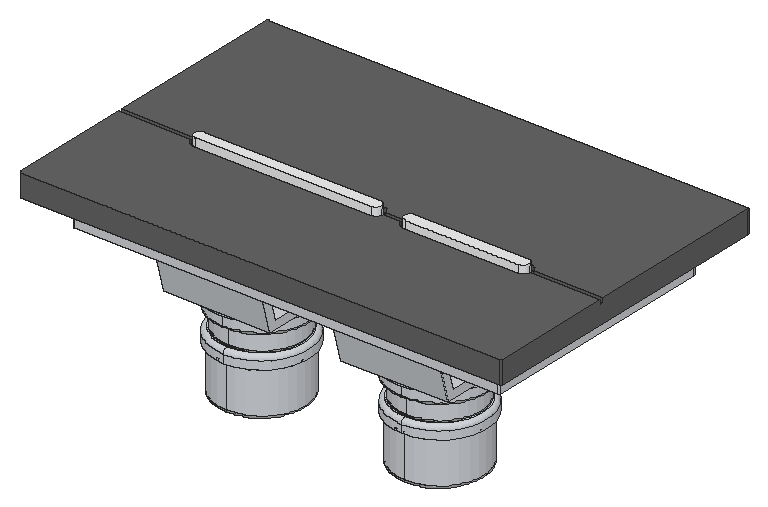
Revit family "Reece_Toilet_Wolfen_Flush Button", category Plumbing Fixtures, host Face, Revit 2018
Family settings
  Host = Face
  Round Connector Dimension = Use Diameter
  Part Type = Normal
  Cut with Voids When Loaded = No
  Shared = Yes
  Room Calculation Point = Yes
Parameters (values of type "ABS Plastic_Grey_Chrome")
  Waste Connection = no
  WFU = 0
  Vent Connection = no
  URL = "https://www.reece.com.au/product/-9510028"
  Type Comments = "Toilet"
  Reece_Product_Web Page = "https://www.reece.com.au/product/-9510028"
  Reece_Product_Type = "Toilet"  # constant formula
  Reece_Product_Sub Brand = "Wolfen"  # constant formula
  Reece_Product_Number = "9510028"
  Reece_Product_Mount = "Wall Mounted"
  Reece_Product_Description = "Wolfen Button/Plate (Inwall) ABS Plastic Grey/Chrome"
  Reece_Product_Brand = "Wolfen"  # constant formula
  Reece_Overall_Width = 236 mm  # constant formula
  Reece_Overall_Length = 152 mm  # constant formula
  Reece_Material_Secondary = Reece_Plastic_ABS_Chrome
  Reece_Material_Main = Reece_Acrylic_Grey
  Reece_Detail_Disclaimer = "THIS FILE IS THE PROPERTY OF THE REECE GROUP. IT MAY NOT BE REPRODUCED, REVERSE-ENGINEERED OR MODIFIED. ANY REPUBLICATION, TRANSMISSION OR DISTRIBUTION FOR THE PURPOSE OF COMMERCIALLY EXPLOITING THE FILES IS PROHIBITED."  # constant formula
  Model = "Wolfen"
  Manufacturer = "Wolfen"
  Keynote = "Product #9510028, Reece_Toilet_Wolfen_Flush Button - ABS Plastic_Grey_Chrome"
  HWFU = 0
  HW Connection = no
  Disclaimer = "THIS FILE IS THE PROPERTY OF THE REECE GROUP. IT MAY NOT BE REPRODUCED, REVERSE-ENGINEERED OR MODIFIED. ANY REPUBLICATION, TRANSMISSION OR DISTRIBUTION FOR THE PURPOSE OF COMMERCIALLY EXPLOITING THE FILES IS PROHIBITED."  # constant formula
  Description = "Wolfen Button / Plate (Inwall) ABS Plastic Grey / Chrome"
  Default Elevation = 1000 mm
  Cost = 0
  CWFU = 0
  CW Connection = no
  Assembly Code = ""
Types (3, lengths in mm): name | URL | Reece_Product_Web Page | Reece_Product_Number | Reece_Product_Description | Reece_Material_Main | Keynote | Description | Default Elevation
  ABS Plastic_Blue_Chrome | "https://www.reece.com.au/product/-9510027" | "https://www.reece.com.au/product/-9510027" | "9510027" | "Wolfen Button/Plate (Inwall) ABS Plastic Blue/Chrome" | Reece_Acrylic_Blue | "Product #9510027, Reece_Toilet_Wolfen_Flush Button - ABS Plastic_Blue_Chrome" | "Wolfen Button / Plate (Inwall) ABS Plastic Blue / Chrome" | 0
  ABS Plastic_Grey_Chrome | "https://www.reece.com.au/product/-9510028" | "https://www.reece.com.au/product/-9510028" | "9510028" | "Wolfen Button/Plate (Inwall) ABS Plastic Grey/Chrome" | Reece_Acrylic_Grey | "Product #9510028, Reece_Toilet_Wolfen_Flush Button - ABS Plastic_Grey_Chrome" | "Wolfen Button / Plate (Inwall) ABS Plastic Grey / Chrome" | 1000
  ABS Plastic_White_Chrome | "https://www.reece.com.au/product/-9510029" | "https://www.reece.com.au/product/-9510029" | "9510029" | "Wolfen Button/Plate (Inwall) ABS Plastic White/Chrome" | Reece_Acrylic_White | "Product #9510029, Reece_Toilet_Wolfen_Flush Button - ABS Plastic_White_Chrome" | "Wolfen Button / Plate (Inwall) ABS Plastic White / Chrome" | 1000
Reference planes
  plane 1 "Center (Front/Back)": y = 0
  plane 2 "Bottom": z = 0
  plane 3 "Center (Left/Right)": x = 0
  plane 4 "Top": z = 11
  plane 5: x = -118
  plane 6: x = 118
  plane 7: y = 76
  plane 8: y = -76
  plane 9 "Button1": x = -43.663
  plane 10 "Button2": x = 43.663
  plane 11: z = -94.179
  plane 12: y = 71
  plane 13: x = -113
  plane 14: y = -71
  plane 15: x = 113
  plane 16 "system top": y = 60
  plane 17 "system bottom": y = -60
  plane 18 "system left": x = -104.5
  plane 19 "system right": x = 104.5
Forms (mm)
  Extrusion 1, solid, material "Reece_Acrylic_Grey" <- "Reece_Material_Main"
    sketch origin (0, 0, 0) x (1, 0, 0) y (0, 1, 0)
      loop
        arc (-117.2, 76) -> (-117.766, 75.766) -> (-118, 75.2) r 0.8
        line (-118, 75.2) -> (-118, -75.2)
        arc (-118, -75.2) -> (-117.766, -75.766) -> (-117.2, -76) r 0.8
        line (-117.2, -76) -> (117.2, -76)
        arc (117.2, -76) -> (117.766, -75.766) -> (118, -75.2) r 0.8
        line (118, -75.2) -> (118, 75.2)
        arc (118, 75.2) -> (117.766, 75.766) -> (117.2, 76) r 0.8
        line (117.2, 76) -> (-117.2, 76)
    from 0 to 11
  Extrusion 2, void
    sketch origin (0, 0, 0) x (1, 0, 0) y (0, 1, 0)
      loop
        line (-118, -13.606) -> (-118, -15.36) -> (-82.574, -15.36)
        arc (-82.574, -15.36) -> (-81.126, -17.939) -> (-78.351, -18.961) r 4.276
        line (-78.351, -18.961) -> (7.616, -18.961)
        arc (7.616, -18.961) -> (10.39, -17.939) -> (11.838, -15.36) r 4.276
        line (11.838, -15.36) -> (20.334, -15.36)
        arc (20.334, -15.36) -> (21.781, -17.939) -> (24.556, -18.961) r 4.276
        line (24.556, -18.961) -> (80, -18.961)
        arc (80, -18.961) -> (82.775, -17.939) -> (84.222, -15.36) r 4.276
        line (84.222, -15.36) -> (118, -15.36) -> (118, -13.606) -> (84.137, -13.606)
        arc (84.137, -13.606) -> (82.614, -11.302) -> (80, -10.41) r 4.276
        line (80, -10.41) -> (24.556, -10.41)
        arc (24.556, -10.41) -> (21.942, -11.302) -> (20.419, -13.606) r 4.276
        line (20.419, -13.606) -> (11.753, -13.606)
        arc (11.753, -13.606) -> (10.229, -11.302) -> (7.616, -10.41) r 4.276
        line (7.616, -10.41) -> (-78.351, -10.41)
        arc (-78.351, -10.41) -> (-80.965, -11.302) -> (-82.489, -13.606) r 4.276
        line (-82.489, -13.606) -> (-118, -13.606)
    from 8.789 to 21.437
  Extrusion 3, solid
    sketch origin (0, 0, 0) x (1, 0, 0) y (0, 1, 0)
      loop
        arc (-103.5, 60) -> (-104.207, 59.707) -> (-104.5, 59) r 1
        line (-104.5, 59) -> (-104.5, -59)
        arc (-104.5, -59) -> (-104.207, -59.707) -> (-103.5, -60) r 1
        line (-103.5, -60) -> (103.5, -60)
        arc (103.5, -60) -> (104.207, -59.707) -> (104.5, -59) r 1
        line (104.5, -59) -> (104.5, 59)
        arc (104.5, 59) -> (104.207, 59.707) -> (103.5, 60) r 1
        line (103.5, 60) -> (-103.5, 60)
      loop
        line (-99.5, -55) -> (99.5, -55) -> (99.5, 55) -> (-99.5, 55) -> (-99.5, -55)
    from 0 to -15.736
  Extrusion 4, void
    sketch origin (0, 0, 0) x (1, 0, 0) y (0, 1, 0)
      loop
        arc (-117.2, 76) -> (-117.766, 75.766) -> (-118, 75.2) r 0.8
        line (-118, 75.2) -> (-118, -75.2)
        arc (-118, -75.2) -> (-117.766, -75.766) -> (-117.2, -76) r 0.8
        line (-117.2, -76) -> (117.2, -76)
        arc (117.2, -76) -> (117.766, -75.766) -> (118, -75.2) r 0.8
        line (118, -75.2) -> (118, 75.2)
        arc (118, 75.2) -> (117.766, 75.766) -> (117.2, 76) r 0.8
        line (117.2, 76) -> (-117.2, 76)
    from -22.684 to 0
  Extrusion 5, solid
    sketch origin (0.003, 0.002, 0) x (1, 0, 0) y (0, 1, 0)
      loop
        line (-99.503, 54.998) -> (-99.503, -55.002) -> (-87.503, -55.002) -> (-87.503, -18.799) -> (-74.503, 3.717) -> (-74.503, 54.998) -> (-99.503, 54.998)
    from -15.736 to -8.281
  Extrusion 6, void
    sketch origin (8.363, 7.479, 0) x (1, 0, 0) y (0, 1, 0)
      loop
        circle (-95.363, 2.683) r 8
    from -49.031 to 0
  Extrusion 7, solid
    sketch origin (0.003, 0.002, -5) x (0, 1, 0) y (0, 0, 1)
      loop
        line (54.998, 0) -> (50.998, 0) -> (50.998, -6.499) -> (10.253, -27.509) -> (-45.183, -27.509) -> (-51.002, -6.466) -> (-51.002, 0) -> (-55.002, 0) -> (-55.002, -7.009) -> (-48.227, -31.509) -> (11.224, -31.509) -> (54.998, -8.937) -> (54.998, 0)
    from -69.559 to -17.5
  Extrusion 8, void
    sketch origin (-3.757, 2.455, 0) x (1, 0, 0) y (0, 1, 0)
      loop
        circle (47.658, -23.239) r 23
    from -43.489 to -19.227
  Extrusion 9, void
    sketch origin (3.743, 2.455, 0) x (-1, 0, 0) y (0, -1, 0)
      loop
        circle (47.658, 23.239) r 23
    from -43.489 to -19.227
  Revolve 10, solid
    sketch origin (43.666, -4592.593, 79.935) x (0, 0, 1) y (0, -1, 0)
      loop
        line (-118.595, -4597.982) -> (-116.824, -4597.982) -> (-116.824, -4592.339) -> (-104.634, -4592.339) -> (-104.634, -4572) -> (-163.513, -4572) -> (-163.513, -4592.428)
        arc (-163.513, -4592.428) -> (-163.182, -4593.226) -> (-162.385, -4593.557) r 1.128
        line (-162.385, -4593.557) -> (-142.041, -4593.557)
        arc (-142.041, -4593.557) -> (-141.314, -4593.858) -> (-141.013, -4594.585) r 1.028
        line (-141.013, -4594.585) -> (-141.013, -4595.38) -> (-137.138, -4595.346)
        arc (-137.138, -4595.346) -> (-135.574, -4594.686) -> (-134.927, -4593.117) r 2.229
        line (-134.927, -4593.117) -> (-134.927, -4591.787)
        arc (-134.927, -4591.787) -> (-134.788, -4592.175) -> (-134.41, -4592.339) r 0.519
        line (-134.41, -4592.339) -> (-125.231, -4592.339) -> (-125.231, -4594.982)
        arc (-125.231, -4594.982) -> (-125.085, -4595.336) -> (-124.731, -4595.482) r 0.5
        line (-124.731, -4595.482) -> (-118.595, -4595.482) -> (-118.595, -4597.982)
      axis (-104.634, -4572) -> (-163.513, -4572)
    angle from 0 to 360
  Revolve 11, solid
    sketch origin (-43.663, -4572, -93.984) x (0, 0, -1) y (0, -1, 0)
      loop
        line (0.193, -4571.464) -> (0.193, -4552.67)
        arc (0.193, -4552.67) -> (-1.755, -4547.973) -> (-6.455, -4546.032) r 6.638
        line (-6.455, -4546.032) -> (-6.455, -4572.032) -> (-0.375, -4572.032)
        arc (-0.375, -4572.032) -> (0.026, -4571.865) -> (0.193, -4571.464) r 0.568
      axis (-6.455, -4546.032) -> (-6.455, -4572.032)
    angle from 0 to 360
  Revolve 12, solid
    sketch origin (-43.663, -4572, -93.984) x (0, 0, -1) y (0, -1, 0)
      loop
        line (-5.165, -4576.46) -> (-0.166, -4576.46) -> (-0.166, -4574.69) -> (-1.598, -4574.69) -> (-1.598, -4573.805) -> (-0.506, -4573.805)
        arc (-0.506, -4573.805) -> (-0.149, -4573.657) -> (0, -4573.299) r 0.506
        line (0, -4573.299) -> (0, -4571.34) -> (-5.165, -4571.34) -> (-5.165, -4576.46)
      axis (-5.165, -4571.34) -> (-5.165, -4576.46)
    angle from 0 to 360
  Revolve 13, solid
    sketch origin (43.663, -4572, -93.984) x (0, 0, -1) y (0, -1, 0)
      loop
        line (0.193, -4571.464) -> (0.193, -4552.67)
        arc (0.193, -4552.67) -> (-1.755, -4547.973) -> (-6.455, -4546.032) r 6.638
        line (-6.455, -4546.032) -> (-6.455, -4572.032) -> (-0.375, -4572.032)
        arc (-0.375, -4572.032) -> (0.026, -4571.865) -> (0.193, -4571.464) r 0.568
      axis (-6.455, -4546.032) -> (-6.455, -4572.032)
    angle from 0 to 360
  Revolve 14, solid
    sketch origin (43.663, -4572, -93.984) x (0, 0, -1) y (0, -1, 0)
      loop
        line (-5.165, -4576.46) -> (-0.166, -4576.46) -> (-0.166, -4574.69) -> (-1.598, -4574.69) -> (-1.598, -4573.805) -> (-0.506, -4573.805)
        arc (-0.506, -4573.805) -> (-0.149, -4573.657) -> (0, -4573.299) r 0.506
        line (0, -4573.299) -> (0, -4571.34) -> (-5.165, -4571.34) -> (-5.165, -4576.46)
      axis (-5.165, -4571.34) -> (-5.165, -4576.46)
    angle from 0 to 360
  Extrusion 15, void
    sketch origin (0, 0, 0) x (-1, 0, 0) y (0, 0, 1)
      loop
        circle (-43.666, -88.82) r 3
    from 0.032 to 12.34
  Extrusion 16, void
    sketch origin (0, 0, 0) x (-1, 0, 0) y (0, 0, 1)
      loop
        circle (43.666, -88.82) r 3
    from -5.654 to 10.357
  Revolve 17, solid
    sketch origin (-43.663, -4566.375, -93.984) x (0, 0, -1) y (0, -1, 0)
      loop
        line (-61.476, -4550.999) -> (-61.476, -4543.69) -> (-91.476, -4543.69)
        arc (-91.476, -4543.69) -> (-96.326, -4545.895) -> (-97.854, -4550.999) r 6.438
        line (-97.854, -4550.999) -> (-61.476, -4550.999)
      axis (-97.854, -4550.999) -> (-61.476, -4550.999)
    angle from 0 to 360
  Revolve 18, solid
    sketch origin (43.663, -4566.375, -93.984) x (0, 0, -1) y (0, -1, 0)
      loop
        line (-61.476, -4550.999) -> (-61.476, -4543.69) -> (-91.476, -4543.69)
        arc (-91.476, -4543.69) -> (-96.326, -4545.895) -> (-97.854, -4550.999) r 6.438
        line (-97.854, -4550.999) -> (-61.476, -4550.999)
      axis (-97.854, -4550.999) -> (-61.476, -4550.999)
    angle from 0 to 360
  Revolve 19, solid
    sketch origin (-43.666, -4592.593, 79.935) x (0, 0, 1) y (0, -1, 0)
      loop
        line (-118.595, -4597.982) -> (-116.824, -4597.982) -> (-116.824, -4592.339) -> (-104.634, -4592.339) -> (-104.634, -4572) -> (-163.513, -4572) -> (-163.513, -4592.428)
        arc (-163.513, -4592.428) -> (-163.182, -4593.226) -> (-162.385, -4593.557) r 1.128
        line (-162.385, -4593.557) -> (-142.041, -4593.557)
        arc (-142.041, -4593.557) -> (-141.314, -4593.858) -> (-141.013, -4594.585) r 1.028
        line (-141.013, -4594.585) -> (-141.013, -4595.38) -> (-137.138, -4595.346)
        arc (-137.138, -4595.346) -> (-135.574, -4594.686) -> (-134.927, -4593.117) r 2.229
        line (-134.927, -4593.117) -> (-134.927, -4591.787)
        arc (-134.927, -4591.787) -> (-134.788, -4592.175) -> (-134.41, -4592.339) r 0.519
        line (-134.41, -4592.339) -> (-125.231, -4592.339) -> (-125.231, -4594.982)
        arc (-125.231, -4594.982) -> (-125.085, -4595.336) -> (-124.731, -4595.482) r 0.5
        line (-124.731, -4595.482) -> (-118.595, -4595.482) -> (-118.595, -4597.982)
      axis (-104.634, -4572) -> (-163.513, -4572)
    angle from 0 to 360
  Extrusion 20, void
    sketch origin (0, 0, 0) x (1, 0, 0) y (0, 1, 0)
      loop
        arc (-117.2, 76) -> (-117.766, 75.766) -> (-118, 75.2) r 0.8
        line (-118, 75.2) -> (-118, -75.2)
        arc (-118, -75.2) -> (-117.766, -75.766) -> (-117.2, -76) r 0.8
        line (-117.2, -76) -> (117.2, -76)
        arc (117.2, -76) -> (117.766, -75.766) -> (118, -75.2) r 0.8
        line (118, -75.2) -> (118, 75.2)
        arc (118, 75.2) -> (117.766, 75.766) -> (117.2, 76) r 0.8
        line (117.2, 76) -> (-117.2, 76)
    from -94.179 to 0
  Extrusion 21, solid
    sketch origin (-0.003, 0.002, 0) x (-1, 0, 0) y (0, -1, 0)
      loop
        line (-99.503, -54.998) -> (-74.503, -54.998) -> (-74.503, -3.717) -> (-87.503, 18.799) -> (-87.503, 55.002) -> (-99.503, 55.002) -> (-99.503, -54.998)
    from -15.736 to -8.281
  Extrusion 22, void
    sketch origin (-8.363, 7.479, 0) x (-1, 0, 0) y (0, -1, 0)
      loop
        circle (-95.363, -2.683) r 8
    from -49.031 to 0
  Extrusion 23, solid
    sketch origin (-0.003, 0.002, -5) x (0, 1, 0) y (0, 0, -1)
      loop
        line (54.998, 0) -> (54.998, 8.937) -> (11.224, 31.509) -> (-48.227, 31.509) -> (-55.002, 7.009) -> (-55.002, 0) -> (-51.002, 0) -> (-51.002, 6.466) -> (-45.183, 27.509) -> (10.253, 27.509) -> (50.998, 6.499) -> (50.998, 0) -> (54.998, 0)
    from -69.559 to -17.5
  Extrusion 24, solid, material "Reece_Plastic_ABS_Chrome" <- "Reece_Material_Secondary"
    sketch origin (0, 0, 0) x (1, 0, 0) y (0, 1, 0)
      loop
        arc (21.781, -14.647) -> (22.58, -16.635) -> (24.556, -17.461) r 2.776
        line (24.556, -17.461) -> (80, -17.461)
        arc (80, -17.461) -> (82.12, -16.477) -> (82.737, -14.223) r 2.776
        arc (82.737, -14.223) -> (81.792, -12.566) -> (80, -11.91) r 2.776
        line (80, -11.91) -> (24.556, -11.91)
        arc (24.556, -11.91) -> (22.607, -12.709) -> (21.781, -14.647) r 2.776
      loop
        arc (-78.351, -11.91) -> (-80.301, -12.709) -> (-81.127, -14.647) r 2.776
        arc (-81.127, -14.647) -> (-80.328, -16.635) -> (-78.351, -17.461) r 2.776
        line (-78.351, -17.461) -> (7.616, -17.461)
        arc (7.616, -17.461) -> (9.736, -16.477) -> (10.353, -14.223) r 2.776
        arc (10.353, -14.223) -> (9.407, -12.566) -> (7.616, -11.91) r 2.776
        line (7.616, -11.91) -> (-78.351, -11.91)
    from 0 to 14
Cuts and joins
  Extrusion 2, Extrusion 22 cuts Extrusion 1
  Extrusion 8, Extrusion 9, Extrusion 16 cuts Extrusion 7
  Extrusion 16 cuts Revolve 12
  Extrusion 15 cuts Revolve 14
  Extrusion 8 cuts Extrusion 23
  joined: Extrusion 3, Extrusion 7, Revolve 10, Revolve 11, Revolve 12, Revolve 13, Revolve 14, Revolve 17, Revolve 18, Revolve 19, Extrusion 23
  Extrusion 6, Extrusion 22 cuts Extrusion 5
  Extrusion 22 cuts Extrusion 21
Text (mm)
  text "Reece Copyright © 2018, Reece Ltd." at (122.222, -221.524, 0), in view "Ref. Level"
  text "Reece ©" at (43.756, 198.515, 132.538), in view "Reece Preview"
Dimensions and locks
  "Reece_Overall_Width": plane 5 to plane 6
  "Reece_Overall_Length": plane 7 to plane 8
  plane 5 to plane 6 = 236 mm
  plane 11 to plane 2 "Bottom" to plane 4 "Top" = 94.179 mm, 11 mm
  plane 6 to plane 5 = 236 mm
  plane 4 "Top" to plane 2 "Bottom" to plane 11 = 11 mm, 94.179 mm  (x3)
  plane 7 to plane 8 = 152 mm
  plane 8 to plane 7 = 152 mm
  plane 7 to plane 12 = 5 mm
  plane 5 to plane 13 = 5 mm
  plane 15 to plane 6 = 5 mm
  plane 8 to plane 14 = 5 mm
  aligned and locked: plane 2 "Bottom" to host face
  aligned and locked: level to host face
  aligned and locked: plane 4 "Top" to Extrusion 1
Automatic sketch dimensions
  host sketch curve to host sketch curve = 380.785 mm
  host sketch curve to host sketch curve = 317.421 mm
  Extrusion 1 sketch curve to plane 5 = 0 mm
  plane 8 to Extrusion 1 sketch curve = 0 mm
  Extrusion 1 sketch curve to plane 7 = 0 mm
  Extrusion 1 sketch curve to plane 6 = 0 mm
  plane 5 to Extrusion 1 sketch curve = 0.8 mm
  Extrusion 1 sketch curve to Extrusion 1 sketch curve = 0.8 mm  (x2)
  plane 6 to Extrusion 1 sketch curve = 0.8 mm
  Extrusion 2 sketch curve to Extrusion 2 sketch curve = 0 mm  (x11)
  Extrusion 2 sketch curve to plane 5 = 0 mm
  Extrusion 2 sketch curve to plane 6 = 0 mm
  plane 18 "system left" to Extrusion 2 sketch curve = 21.926 mm
  Extrusion 2 sketch curve to Extrusion 2 sketch curve = 0.085 mm  (x4)
  plane 3 "Center (Left/Right)" to Extrusion 2 sketch curve = 7.616 mm
  Extrusion 2 sketch curve to Extrusion 2 sketch curve = 4.137 mm  (x3)
  Extrusion 2 sketch curve to Extrusion 2 sketch curve = 8.496 mm
  Extrusion 2 sketch curve to Extrusion 2 sketch curve = 4.222 mm
  Extrusion 2 sketch curve to plane 19 "system right" = 24.5 mm
  plane 1 "Center (Front/Back)" to Extrusion 2 sketch curve = 18.961 mm  (x2)
  Extrusion 2 sketch curve to Extrusion 2 sketch curve = 1.755 mm
  Extrusion 3 sketch curve to plane 18 "system left" = 0 mm
  plane 17 "system bottom" to Extrusion 3 sketch curve = 0 mm
  plane 16 "system top" to Extrusion 3 sketch curve = 0 mm
  Extrusion 3 sketch curve to plane 19 "system right" = 0 mm
  plane 18 "system left" to Extrusion 3 sketch curve = 1 mm
  Extrusion 3 sketch curve to Extrusion 3 sketch curve = 1 mm  (x2)
  plane 18 "system left" to Extrusion 3 sketch curve = 5 mm
  Extrusion 3 sketch curve to plane 19 "system right" = 5 mm
  Extrusion 3 sketch curve to plane 19 "system right" = 1 mm
  Extrusion 3 sketch curve to plane 17 "system bottom" = 5 mm
  plane 16 "system top" to Extrusion 3 sketch curve = 5 mm
  Extrusion 4 sketch curve to plane 5 = 0 mm
  plane 8 to Extrusion 4 sketch curve = 0 mm
  Extrusion 4 sketch curve to plane 7 = 0 mm
  Extrusion 4 sketch curve to plane 6 = 0 mm
  plane 5 to Extrusion 4 sketch curve = 0.8 mm
  Extrusion 4 sketch curve to Extrusion 4 sketch curve = 0.8 mm
  plane 6 to Extrusion 4 sketch curve = 0.8 mm  (x2)
  plane 18 "system left" to Extrusion 5 sketch curve = 5 mm
  Extrusion 5 sketch curve to plane 17 "system bottom" = 5 mm
  Extrusion 5 sketch curve to Extrusion 5 sketch curve = 12 mm
  plane 16 "system top" to Extrusion 5 sketch curve = 5 mm
  Extrusion 5 sketch curve to Extrusion 5 sketch curve = 25 mm
  plane 1 "Center (Front/Back)" to Extrusion 5 sketch curve = 18.797 mm
  Extrusion 5 sketch curve to plane 1 "Center (Front/Back)" = 3.72 mm
  plane 18 "system left" to Extrusion 6 sketch curve = 17.5 mm
  Extrusion 6 sketch curve to plane 1 "Center (Front/Back)" = 10.162 mm
  Extrusion 7 sketch curve to plane 17 "system bottom" = 5 mm
  Extrusion 7 sketch curve to Extrusion 7 sketch curve = 4 mm  (x3)
  Extrusion 7 sketch curve to plane 17 "system bottom" = 11.775 mm
  Extrusion 7 sketch curve to Extrusion 7 sketch curve = 3.044 mm
  Extrusion 7 sketch curve to plane 1 "Center (Front/Back)" = 10.255 mm
  Extrusion 7 sketch curve to Extrusion 7 sketch curve = 0.971 mm
  plane 16 "system top" to Extrusion 7 sketch curve = 9 mm
  Extrusion 7 sketch curve to level = 36.509 mm
  Extrusion 7 sketch curve to level = 13.937 mm
  Extrusion 7 sketch curve to level = 12.009 mm
  Extrusion 7 sketch curve to Extrusion 7 sketch curve = 2.438 mm
  Extrusion 7 sketch curve to Extrusion 7 sketch curve = 0.543 mm
  Extrusion 7 sketch curve to level = 5 mm  (x2)
  plane 10 "Button2" to Extrusion 8 sketch curve = 0.237 mm
  plane 1 "Center (Front/Back)" to Extrusion 8 sketch curve = 20.784 mm
  plane 9 "Button1" to Extrusion 9 sketch curve = 0.251 mm
  plane 1 "Center (Front/Back)" to Extrusion 9 sketch curve = 20.784 mm
  plane 11 to Revolve 10 sketch curve = 10.601 mm
  Revolve 10 sketch curve to plane 1 "Center (Front/Back)" = 0.165 mm
  Revolve 10 sketch curve to Revolve 10 sketch curve = 1.128 mm
  Revolve 10 sketch curve to Revolve 10 sketch curve = 20.344 mm
  plane 1 "Center (Front/Back)" to Revolve 10 sketch curve = 2.786 mm
  Revolve 10 sketch curve to Revolve 10 sketch curve = 1.028 mm
  plane 1 "Center (Front/Back)" to Revolve 10 sketch curve = 0.523 mm
  Revolve 10 sketch curve to Revolve 10 sketch curve = 3.856 mm
  plane 1 "Center (Front/Back)" to Revolve 10 sketch curve = 2.753 mm
  Revolve 10 sketch curve to Revolve 10 sketch curve = 0.019 mm
  Revolve 10 sketch curve to plane 1 "Center (Front/Back)" = 0.254 mm  (x2)
  Revolve 10 sketch curve to Revolve 10 sketch curve = 0.518 mm
  Revolve 10 sketch curve to Revolve 10 sketch curve = 9.179 mm
  Revolve 10 sketch curve to Revolve 10 sketch curve = 0.5 mm
  Revolve 10 sketch curve to Revolve 10 sketch curve = 6.135 mm
  Revolve 10 sketch curve to Revolve 10 sketch curve = 1.771 mm
  Revolve 10 sketch curve to Revolve 10 sketch curve = 12.191 mm
  plane 1 "Center (Front/Back)" to Revolve 10 sketch curve = 2.889 mm
  Revolve 10 sketch curve to Revolve 10 sketch curve = 2.5 mm
  Revolve 10 sketch curve to Revolve 10 sketch curve = 0.519 mm
  Revolve 10 sketch curve to Revolve 10 sketch curve = 20.428 mm
  Revolve 10 sketch curve to Revolve 10 sketch curve = 12.597 mm
  Revolve 10 sketch curve to level = 4.019 mm
  Revolve 10 sketch curve to Revolve 10 sketch curve = 0 mm
  Revolve 11 sketch curve to plane 1 "Center (Front/Back)" = 0.032 mm
  Revolve 11 sketch curve to plane 11 = 6.65 mm
  Revolve 11 sketch curve to Revolve 11 sketch curve = 0.009 mm
  Revolve 11 sketch curve to plane 11 = 0.57 mm
  Revolve 11 sketch curve to plane 11 = 0.003 mm
  plane 1 "Center (Front/Back)" to Revolve 11 sketch curve = 19.33 mm
  Revolve 11 sketch curve to Revolve 11 sketch curve = 0 mm
  Revolve 11 sketch curve to Revolve 11 sketch curve = 8.94 mm
  Revolve 11 sketch curve to Revolve 11 sketch curve = 3.688 mm
  Revolve 12 sketch curve to plane 11 = 5.36 mm
  Revolve 12 sketch curve to plane 11 = 1.793 mm
  Revolve 12 sketch curve to plane 11 = 0.702 mm
  Revolve 12 sketch curve to plane 11 = 0.362 mm
  Revolve 12 sketch curve to plane 11 = 0.196 mm
  Revolve 12 sketch curve to plane 1 "Center (Front/Back)" = 4.46 mm  (x2)
  Revolve 12 sketch curve to Revolve 12 sketch curve = 1.77 mm
  Revolve 12 sketch curve to Revolve 12 sketch curve = 0.885 mm
  plane 1 "Center (Front/Back)" to Revolve 12 sketch curve = 0.66 mm
  Revolve 12 sketch curve to Revolve 12 sketch curve = 0 mm
  Revolve 12 sketch curve to Revolve 12 sketch curve = 3.874 mm
  Revolve 12 sketch curve to Revolve 12 sketch curve = 28.443 mm
  plane 1 "Center (Front/Back)" to Revolve 13 sketch curve = 0.032 mm
  plane 11 to Revolve 13 sketch curve = 6.65 mm
  Revolve 13 sketch curve to Revolve 13 sketch curve = 0.009 mm
  plane 11 to Revolve 13 sketch curve = 0.57 mm
  plane 11 to Revolve 13 sketch curve = 0.003 mm
  Revolve 13 sketch curve to plane 1 "Center (Front/Back)" = 19.33 mm
  Revolve 13 sketch curve to Revolve 13 sketch curve = 0 mm
  Revolve 13 sketch curve to Revolve 13 sketch curve = 8.94 mm
  Revolve 13 sketch curve to Revolve 13 sketch curve = 3.688 mm
  plane 11 to Revolve 14 sketch curve = 5.36 mm
  plane 11 to Revolve 14 sketch curve = 1.793 mm
  plane 11 to Revolve 14 sketch curve = 0.702 mm
  plane 11 to Revolve 14 sketch curve = 0.362 mm
  plane 11 to Revolve 14 sketch curve = 0.196 mm
  plane 1 "Center (Front/Back)" to Revolve 14 sketch curve = 4.46 mm  (x2)
  Revolve 14 sketch curve to Revolve 14 sketch curve = 1.77 mm
  Revolve 14 sketch curve to Revolve 14 sketch curve = 0.885 mm
  Revolve 14 sketch curve to plane 1 "Center (Front/Back)" = 0.66 mm
  Revolve 14 sketch curve to Revolve 14 sketch curve = 0 mm
  Revolve 14 sketch curve to Revolve 14 sketch curve = 3.874 mm
  Revolve 14 sketch curve to Revolve 14 sketch curve = 28.443 mm
  plane 10 "Button2" to Extrusion 15 sketch curve = 0.003 mm
  Extrusion 15 sketch curve to plane 11 = 5.36 mm
  plane 9 "Button1" to Extrusion 16 sketch curve = 0.003 mm
  Extrusion 16 sketch curve to plane 11 = 5.36 mm
  level to Revolve 17 sketch curve = 3.87 mm
  Revolve 17 sketch curve to level = 2.509 mm
  Revolve 17 sketch curve to Revolve 17 sketch curve = 30 mm
  plane 1 "Center (Front/Back)" to Revolve 17 sketch curve = 15.376 mm  (x2)
  Revolve 17 sketch curve to Revolve 17 sketch curve = 0.871 mm
  Revolve 17 sketch curve to Revolve 17 sketch curve = 0.668 mm
  Revolve 17 sketch curve to Revolve 17 sketch curve = 16.47 mm
  Revolve 18 sketch curve to level = 3.87 mm
  level to Revolve 18 sketch curve = 2.509 mm
  Revolve 18 sketch curve to Revolve 18 sketch curve = 30 mm
  Revolve 18 sketch curve to plane 1 "Center (Front/Back)" = 15.376 mm  (x2)
  Revolve 18 sketch curve to Revolve 18 sketch curve = 0.871 mm
  Revolve 18 sketch curve to Revolve 18 sketch curve = 0.668 mm
  Revolve 18 sketch curve to Revolve 18 sketch curve = 16.47 mm
  Revolve 19 sketch curve to plane 11 = 10.601 mm
  plane 1 "Center (Front/Back)" to Revolve 19 sketch curve = 0.165 mm
  Revolve 19 sketch curve to Revolve 19 sketch curve = 1.128 mm
  Revolve 19 sketch curve to Revolve 19 sketch curve = 20.344 mm
  Revolve 19 sketch curve to plane 1 "Center (Front/Back)" = 2.786 mm
  Revolve 19 sketch curve to Revolve 19 sketch curve = 1.028 mm
  Revolve 19 sketch curve to plane 1 "Center (Front/Back)" = 0.523 mm
  Revolve 19 sketch curve to Revolve 19 sketch curve = 3.856 mm
  Revolve 19 sketch curve to plane 1 "Center (Front/Back)" = 2.753 mm
  Revolve 19 sketch curve to Revolve 19 sketch curve = 0.019 mm
  plane 1 "Center (Front/Back)" to Revolve 19 sketch curve = 0.254 mm  (x2)
  Revolve 19 sketch curve to Revolve 19 sketch curve = 0.518 mm
  Revolve 19 sketch curve to Revolve 19 sketch curve = 9.179 mm
  Revolve 19 sketch curve to Revolve 19 sketch curve = 0.5 mm
  Revolve 19 sketch curve to Revolve 19 sketch curve = 6.135 mm
  Revolve 19 sketch curve to Revolve 19 sketch curve = 1.771 mm
  Revolve 19 sketch curve to Revolve 19 sketch curve = 12.191 mm
  Revolve 19 sketch curve to plane 1 "Center (Front/Back)" = 2.889 mm
  Revolve 19 sketch curve to Revolve 19 sketch curve = 2.5 mm
  Revolve 19 sketch curve to Revolve 19 sketch curve = 0.519 mm
  Revolve 19 sketch curve to Revolve 19 sketch curve = 20.428 mm
  Revolve 19 sketch curve to Revolve 19 sketch curve = 12.597 mm
  level to Revolve 19 sketch curve = 4.019 mm
  Revolve 19 sketch curve to Revolve 19 sketch curve = 0 mm
  Extrusion 20 sketch curve to plane 5 = 0 mm
  plane 8 to Extrusion 20 sketch curve = 0 mm
  Extrusion 20 sketch curve to plane 7 = 0 mm
  Extrusion 20 sketch curve to plane 6 = 0 mm
  plane 5 to Extrusion 20 sketch curve = 0.8 mm
  Extrusion 20 sketch curve to Extrusion 20 sketch curve = 0.8 mm
  plane 6 to Extrusion 20 sketch curve = 0.8 mm  (x2)
  Extrusion 21 sketch curve to plane 19 "system right" = 5 mm
  Extrusion 21 sketch curve to plane 17 "system bottom" = 5 mm
  Extrusion 21 sketch curve to Extrusion 21 sketch curve = 12 mm
  plane 16 "system top" to Extrusion 21 sketch curve = 5 mm
  Extrusion 21 sketch curve to Extrusion 21 sketch curve = 25 mm
  Extrusion 21 sketch curve to plane 1 "Center (Front/Back)" = 3.72 mm
  plane 1 "Center (Front/Back)" to Extrusion 21 sketch curve = 18.797 mm
  Extrusion 22 sketch curve to plane 19 "system right" = 17.5 mm
  Extrusion 22 sketch curve to plane 1 "Center (Front/Back)" = 10.162 mm
  Extrusion 23 sketch curve to plane 17 "system bottom" = 5 mm
  Extrusion 23 sketch curve to Extrusion 23 sketch curve = 4 mm  (x3)
  Extrusion 23 sketch curve to plane 17 "system bottom" = 11.775 mm
  Extrusion 23 sketch curve to Extrusion 23 sketch curve = 3.044 mm
  Extrusion 23 sketch curve to plane 1 "Center (Front/Back)" = 10.255 mm
  Extrusion 23 sketch curve to Extrusion 23 sketch curve = 0.971 mm
  plane 16 "system top" to Extrusion 23 sketch curve = 9 mm
  Extrusion 23 sketch curve to level = 5 mm  (x2)
  Extrusion 23 sketch curve to Extrusion 23 sketch curve = 6.466 mm
  Extrusion 23 sketch curve to Extrusion 23 sketch curve = 6.499 mm
  Extrusion 23 sketch curve to Extrusion 23 sketch curve = 0.543 mm
  Extrusion 23 sketch curve to Extrusion 23 sketch curve = 2.438 mm
  Extrusion 23 sketch curve to level = 32.509 mm
  plane 1 "Center (Front/Back)" to Extrusion 2 sketch curve = 15.36 mm  (x2)
  Extrusion 2 sketch curve to Extrusion 2 sketch curve = 3.601 mm
  Extrusion 24 sketch curve to Extrusion 24 sketch curve = 0 mm  (x9)
  plane 18 "system left" to Extrusion 24 sketch curve = 26.149 mm
  plane 3 "Center (Left/Right)" to Extrusion 24 sketch curve = 7.616 mm
  Extrusion 24 sketch curve to Extrusion 24 sketch curve = 16.94 mm
  Extrusion 24 sketch curve to plane 19 "system right" = 24.5 mm
  Extrusion 24 sketch curve to Extrusion 24 sketch curve = 2.776 mm  (x5)
  plane 1 "Center (Front/Back)" to Extrusion 24 sketch curve = 14.686 mm
  Extrusion 24 sketch curve to Extrusion 24 sketch curve = 2.737 mm  (x2)
  radius of Extrusion 6 sketch curve = 8 mm
  radius of Extrusion 8 sketch curve = 23 mm
  radius of Extrusion 9 sketch curve = 23 mm
  radius of Extrusion 15 sketch curve = 3 mm
  radius of Extrusion 16 sketch curve = 3 mm
  radius of Extrusion 22 sketch curve = 8 mm
